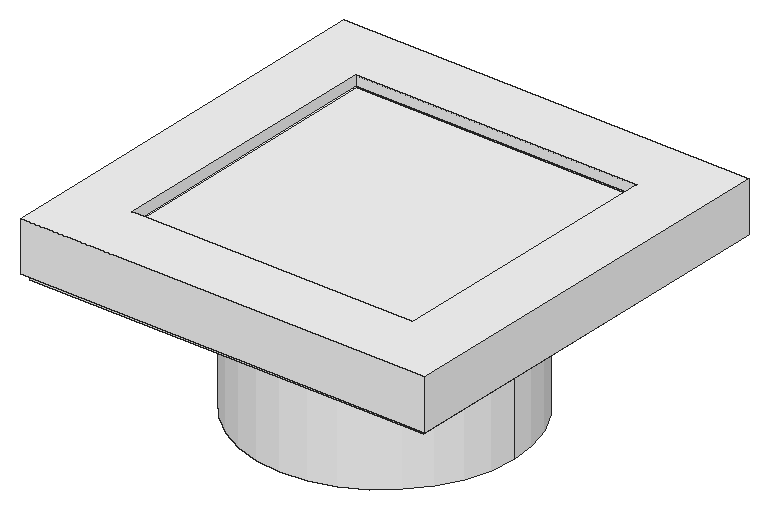
Revit family "Gira_013603", category Electrical Fixtures, host Face, Revit 2017
Family settings
  Host = Face
  Maintain Annotation Orientation = Yes
  Round Connector Dimension = Use Diameter
  Part Type = Normal
  Cut with Voids When Loaded = No
  Shared = No
  Room Calculation Point = No
Parameters (values of type "Tast-Kontroll AusWe System 55 Reinweiß")
  Zusammenstellung = "Basiselement mit zentraler Abdeckplatte"
  White [instance] = White
  Werkstoffgüte = "sonstige"
  Werkstoff = "sonstige"
  Waschmaschinenschalter = "No"
  URL = "http://katalog.gira.de/de_DE/datenblatt.html?artikelnr=013603"
  Textfeld/Beschriftungsfläche = "nein"
  Tastschalter = "Yes"
  Schaltungsart = "Wechselschalter"
  Rückmeldekontakt = "No"
  Region = "DE"
  RAL-Nummer (ähnlich) = "9010 "
  Oberfläche = "sonstige"
  Nennspannung = "250 Volt"
  Name = "Tast-Kontroll AusWe System 55 Reinweiß"
  Montageart = "unter Putz"
  Model = "Sys55_Komplettgerät_Schalten und Tasten"
  Mit Montageplatte = "No"
  Manufacturer URL = "https://www.gira.de/"
  HeinzeBIM = "https://bimportal.heinze.de/bim/tast-kontroll-auswe-system-55-reinweiss/97177e39f0d81db1de3ab24250c0fdc85b6e46a1"
  Halogenfrei = "Yes"
  HAN = "013603"
  Geeignet für Schutzart (IP) = "IP20"
  GTIN = "4010337136033"
  Farbe = "weiß"
  Default Elevation = 1219.2 mm
  Data sheet (1) = "https://katalog.gira.de/de_DE/download.html?artikelnr=013603"
  Category = "Installationsschalter"
  Bemessungsstrom = "10 Ampere"
  Beleuchtungsfunktion = "beleuchtet wenn eingeschaltet"
  Beleuchtungsart = "Glimmlampe"
  Beleuchtung = "ja"
  Befestigungsart = "Krallen-/Schraubbefestigung"
  Bedienungsart = "Wippe/Taste"
  Available = "Yes"
  Ausführung der Oberfläche = "glänzend"
  Anzahl der Module (bei Modulbauweise) = "1 "
  Anzahl der Betätigungswippen = "1 "
  Anschlussart = "Steckklemme"
Reference planes
  plane 1 "Center (Front/Back)": y = 0
  plane 2: z = 0
  plane 3 "Center (Left/Right)": x = 0
Forms (mm)
  Extrusion 1, solid, material "White" <- "White", detail levels medium
    sketch origin (0, 0, 0) x (1, 0, 0) y (0, 1, 0)
      loop
        line (-40.4, 40.4) -> (-40.4, -40.4) -> (40.4, -40.4) -> (40.4, 40.4) -> (-40.4, 40.4)
      loop
        line (-28, 28) -> (-28, -28) -> (28, -28) -> (28, 28) -> (-28, 28)
    from 0 to 10
  Extrusion 2, solid, material "White" <- "White", detail levels fine
    sketch origin (0, 0, 0) x (1, 0, 0) y (0, 1, 0)
      loop
        line (-40.4, 40.4) -> (-40.4, -40.4) -> (40.4, -40.4) -> (40.4, 40.4) -> (-40.4, 40.4)
      loop
        line (-28, 28) -> (-28, -28) -> (28, -28) -> (28, 28) -> (-28, 28)
    from 0 to 10
  Extrusion 3, void
    sketch origin (0, 0, 0) x (1, 0, 0) y (0, 1, 0)
      loop
        line (-38.4, 38.4) -> (-38.4, -38.4) -> (38.4, -38.4) -> (38.4, 38.4) -> (-38.4, 38.4)
    from 0 to 8
  Extrusion 4, solid, material "White" <- "White", detail levels medium+fine
    sketch origin (0, 0, 0) x (1, 0, 0) y (0, 1, 0)
      loop
        line (-39.4, 39.4) -> (-39.4, -39.4) -> (39.4, -39.4) -> (39.4, 39.4) -> (-39.4, 39.4)
    from 0 to -1
  Extrusion 5, solid, material "White" <- "White", detail levels medium+fine
    sketch origin (0, 0, 0) x (1, 0, 0) y (0, 1, 0)
      loop
        line (-35.5, 35.5) -> (-35.5, -35.5) -> (35.5, -35.5) -> (35.5, 35.5) -> (-35.5, 35.5)
    from -2 to -3
  Extrusion 6, solid, material "White" <- "White", detail levels medium+fine
    sketch origin (0, 0, 0) x (1, 0, 0) y (0, 1, 0)
      loop
        circle (0, 0) r 26
    from 0 to -27.5
  Extrusion 7, solid, material "White" <- "White", detail levels coarse
    sketch origin (0, 0, 0) x (1, 0, 0) y (0, 1, 0)
      loop
        line (-40.4, 40.4) -> (-40.4, -40.4) -> (40.4, -40.4) -> (40.4, 40.4) -> (-40.4, 40.4)
    from -27.5 to 10
Cuts and joins
  Extrusion 3 cuts Extrusion 2
Dimensions and locks
  aligned and locked: plane 2 to host face
  aligned and locked: level to host face
  aligned and locked: plane 3 "Center (Left/Right)" to nested 2
  aligned and locked: plane 1 "Center (Front/Back)" to nested 2
Nested families
  nested 1: "Sys55_Abdeckung_Schalten und Tasten_floor_base" at (0, 0, 0), type "Sys55_Abdeckung_Schalten und Tasten_floor_base"
  nested 2: "Schalter" at (0, 0, 0), type "Schalter"
Connectors
  electrical at (0, 0, -27.5)
    settings: on Extrusion 6, index 1, voltage 220 V, apparent load 0 VA, apparent load phase1 0 VA, apparent load phase2 0 VA, apparent load phase3 0 VA, power factor 1, load classification "Other", number of poles 1, system type 30, power factor state 1, is connector primary yes, connector utility no, sub classification motor no, connector description ""
Definition of nested family "Sys55_Abdeckung_Schalten und Tasten_floor_base"
  Parameters
    Default Elevation = 1219.2 mm
    White [instance] = none
  Reference planes
    plane 1 "Center (Front/Back)": y = 0
    plane 2: z = 0
    plane 3 "Center (Left/Right)": x = 0
  Forms (mm)
    Extrusion 1, solid
      sketch origin (0, 0, 0) x (1, 0, 0) y (0, 1, 0)
        loop
          line (-1219.2, 1219.2) -> (-1219.2, -1219.2) -> (1219.2, -1219.2) -> (1219.2, 1219.2) -> (-1219.2, 1219.2)
      from 0 to -304.8
    Extrusion 2, solid, material <- "White", detail levels fine
      sketch origin (0, 0, 0) x (1, 0, 0) y (0, 1, 0)
        loop
          line (-27.5, 27.5) -> (-27.5, -27.5) -> (27.5, -27.5) -> (27.5, 27.5) -> (-27.5, 27.5)
      from 0 to 8
    Extrusion 3, void
      sketch origin (0, 0, 0) x (1, 0, 0) y (0, 1, 0)
        loop
          line (26, 26) -> (-26, 26) -> (-26, -26) -> (26, -26) -> (26, 26)
      from 0 to 6
    Extrusion 4, solid, material <- "White", detail levels medium
      sketch origin (0, 0, 0) x (1, 0, 0) y (0, 1, 0)
        loop
          line (-27.5, 27.5) -> (-27.5, -27.5) -> (27.5, -27.5) -> (27.5, 27.5) -> (-27.5, 27.5)
      from 0 to 8
    Extrusion 5, solid, material <- "White", detail levels medium
      sketch origin (0, 0, 0) x (1, 0, 0) y (0, 1, 0)
        loop
          line (11, -17.5) -> (11, 17.5) -> (-11, 17.5) -> (-11, -17.5) -> (11, -17.5)
      from -6 to 6
    Extrusion 6, solid, material <- "White", detail levels fine
      sketch origin (0, 0, 0) x (1, 0, 0) y (0, 1, 0)
        loop
          line (11, 17.5) -> (-11, 17.5) -> (-11, 16.5) -> (11, 16.5) -> (11, 17.5)
        loop
          line (-11, -16.5) -> (-11, -17.5) -> (11, -17.5) -> (11, -16.5) -> (-11, -16.5)
      from -4 to 6
    Extrusion 7, solid, material <- "White", detail levels fine
      sketch origin (0, 0, 0) x (1, 0, 0) y (0, 1, 0)
        loop
          arc (5, 9.347) -> (0, 10.6) -> (-5, 9.347) r 10.6
          line (-5, 9.347) -> (-5, -9.347)
          arc (-5, -9.347) -> (0, -10.6) -> (5, -9.347) r 10.6
          line (5, -9.347) -> (5, 9.347)
      from -6 to 6
    Extrusion 8, solid, material <- "White", detail levels coarse
      sketch origin (0, 0, 0) x (1, 0, 0) y (0, 1, 0)
        loop
          line (-27.5, 27.5) -> (-27.5, -27.5) -> (27.5, -27.5) -> (27.5, 27.5) -> (-27.5, 27.5)
      from -6 to 8
  Cuts and joins
    Extrusion 3 cuts Extrusion 2
  Dimensions and locks
    aligned and locked: plane 2 to Extrusion 1
    aligned and locked: level to Extrusion 1
Definition of nested family "Schalter"
  Reference planes
    plane 1: y = 0
    plane 2: x = 0
  Lines and regions (mm)
    detail lines
      curve 1: circle (1.375, 2.778, 0) r 0.8 normal (0, 0, 1)
      curve 2: line (1.021, 2.061, 0) -> (0, 0, 0)
      curve 3: line (0, 0, 0) -> (-0.538, 0.266, 0)
  Dimensions and locks
    curve 2 to curve 2 = 2.3 mm
    curve 3 to curve 2 = 0.6 mm
    radius of curve 1 = 0.8 mm
